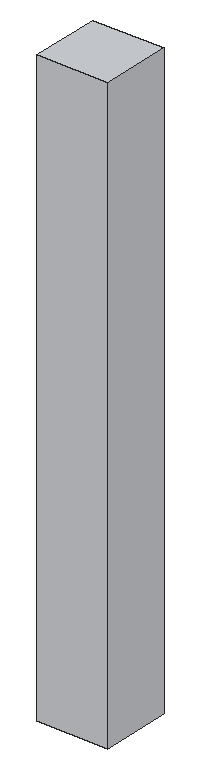
Revit family "M_Rectangular Column", category Columns, Revit 2020
Family settings
  OmniClass Number = 23.25.30.11.14.11
  OmniClass Title = Columns
  Cut with Voids When Loaded = No
  Automatically joins geometry to walls = No
  Shared = No
  Show family pre-cut in plan views = Yes
Parameters (values of type "457 x 475mm")
  Depth = 475 mm
  Material = none
  Offset Base = 0 mm
  Offset Top = 0 mm
  Width = 475 mm
Types (4, lengths in mm): name | Depth | Width
  475 x 610mm | 475 | 610
  610 x 610mm | 610 | 610
  457 x 475mm | 475 | 475
  600 x 600mm | 600 | 600
Reference planes
  plane 1: y = 0
  plane 2: z = 0
  plane 3: x = 0
  plane 4: z = 4000
  plane 5: z = 0
  plane 6: x = -237.5
  plane 7: x = 237.5
  plane 8: y = -237.5
  plane 9: y = 237.5
Forms (mm)
  Extrusion 1, solid, material <- "Material"
    sketch origin (0, 0, 0) x (1, 0, 0) y (0, 1, 0)
      loop
        line (-237.5, 237.5) -> (-237.5, -237.5) -> (237.5, -237.5) -> (237.5, 237.5) -> (-237.5, 237.5)
    from 0 to 4000
Dimensions and locks
  "Offset Base": plane 5 to level
  "Offset Top": level to plane 4
  equal spacing: plane 6, plane 3, plane 7
  "Width": plane 6 to plane 7
  equal spacing: plane 8, plane 1, plane 9
  "Depth": plane 8 to plane 9
  aligned and locked: plane 4 to Extrusion 1
  aligned and locked: Extrusion 1 to plane 5
Automatic sketch dimensions
  Extrusion 1 sketch curve to plane 6 = 0 mm
  Extrusion 1 sketch curve to plane 7 = 0 mm
  Extrusion 1 sketch curve to plane 8 = 0 mm
  Extrusion 1 sketch curve to plane 9 = 0 mm
